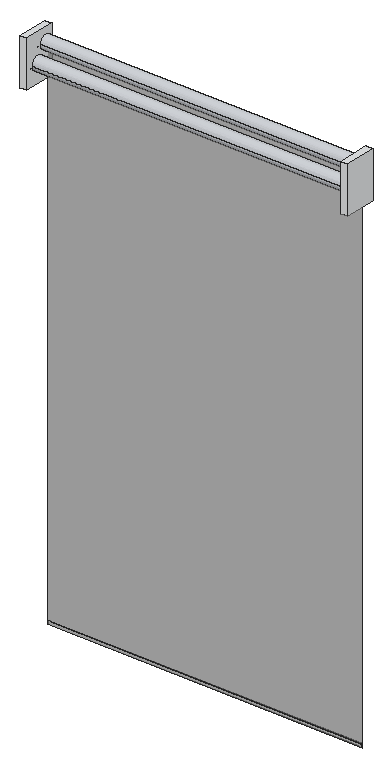
Revit family "Window_Shade-Draper_Inc.-Motor_Dual _Roller_FlexShade", category Specialty Equipment, Revit 2017
Family settings
  Round Connector Dimension = Use Diameter
  Part Type = Normal
  OmniClass Number = 23.30.20.11
  OmniClass Title = Window Components
  Work Plane-Based = No
  Always vertical = Yes
  Cut with Voids When Loaded = No
  Shared = No
  Room Calculation Point = No
Parameters (values of type "Dual Roller Motorized FlexShade")
  Width = B  # 0' - 6 13/16"
  Voltage = 120 V
  URL = "http://www.DraperInc.com"
  Shade Material = Fabric - Draper - Green Screen Revive 5%
  Raised [instance] = not(Lowered)  # yes
  Product Page URL = "https://www.draperinc.com/windowshades/productdetail/1/dual-roller-flexshade%C3%83%E2%80%9A%C3%82%C2%AE"
  Product Name = "Dual Roller FlexShade"  # constant formula
  Product Documentation Link = "https://www.draperinc.com/DocumentDownload.aspx?path=WindowShades/instructions&file=FSCL_DR_Inst.pdf"
  Power Factor = 1
  Phase = 1
  Overall Height = 6' - 0"
  Number of Poles = 1
  Model = "Dual Roller FlexShade"  # constant formula
  Material = ""
  Manufacturer Contact = "1-800-238-7999"  # constant formula
  Manufacturer = "Draper Inc."  # constant formula
  Lowered 2 [instance] = yes
  Lowered [instance] = no
  Length = 4' - 0"
  Head Box = no
  Frequency = 60 Hz
  Fascia Material = Powder Coat - Draper - White
  Fascia = no
  Description = "Dual Shade"  # constant formula
  Depth = A  # 0' - 4 5/8"
  C Length = if(Length < 3' 0", 3' 0", if(Length > 16' 0", 16' 0", Length))  # 4' - 0"
  C Height = if(Overall Height < 0' 4", 0' 4", if(Overall Height > 24' 0", 24' 0", Overall Height))  # 6' - 0"
  Brackets Only = yes
  Apparent Load = 156 VA
  A = 0' - 4 5/8"
  B = 0' - 6 13/16"
  C = 0' - 0"
  D = 0' - 0"
  E = 0' - 1"
Reference planes (in)
  plane 1 "Center (Front/Back)": y = 0
  plane 2: z = 0
  plane 3 "Center (Left/Right)": x = 0
  plane 4 "Front": y = -4.625
  plane 5 "Left": x = -24
  plane 6 "Right": x = 24
  plane 7 "Bottom": z = -72
  plane 8: x = -23.9375
  plane 9: x = 23.9375
  plane 10: z = -71.4775
  plane 11: x = -23.0625
  plane 12: x = 23.0625
  plane 13: z = 6.8125
  plane 14: y = -1.1875
Forms (in)
  Extrusion 1, solid, material "Fabric - Draper - Green Screen Revive 5%" <- "Shade Material", visible <- "Lowered 2"
    sketch origin (0, 0, 0) x (0, 1, 0) y (0, 0, 1)
      loop
        spline (-0.62504, -72) -> (-0.61311, -71.9726) -> (-0.6027, -71.93679) -> (-0.59419, -71.89386) -> (-0.58788, -71.84536) -> (-0.584, -71.79303) -> (-0.58269, -71.73875) -> (-0.584, -71.68447) -> (-0.58788, -71.63214) -> (-0.59419, -71.58364) -> (-0.6027, -71.54072) -> (-0.61311, -71.50491) -> (-0.62504, -71.4775)
        line (-0.62504, -71.4775) -> (-0.68598, -71.4775)
        spline (-0.68598, -71.4775) -> (-0.69791, -71.50491) -> (-0.70832, -71.54072) -> (-0.71683, -71.58364) -> (-0.72314, -71.63214) -> (-0.72702, -71.68447) -> (-0.72833, -71.73875) -> (-0.72702, -71.79303) -> (-0.72314, -71.84536) -> (-0.71683, -71.89386) -> (-0.70832, -71.93679) -> (-0.69791, -71.9726) -> (-0.68598, -72)
        line (-0.68598, -72) -> (-0.62504, -72)
    from -23.0625 to 23.0625
  Sweep 2, solid, material "Fabric - Draper - Green Screen Revive 5%" <- "Shade Material", visible <- "Lowered 2"
    path origin (0, 0, 0) x (0, 1, 0) y (0, 0, 1)
      loop
        line (-0.65551, 4.9375) -> (-0.65551, -71.4775)
    profile origin (0, -0.65551, -71.4775) x (1, 0, 0) y (0, 1, 0)
      loop
        line (-23.0625, 0.03125) -> (-23.0625, -0.03125) -> (23.0625, -0.03125) -> (23.0625, 0.03125) -> (-23.0625, 0.03125)
  Extrusion 3, solid
    sketch origin (0, 0, 0) x (0, 1, 0) y (0, 0, 1)
      loop
        circle (-1.1875, 4.9375) r 1
    from -23.9375 to 23.9375
  Sweep 4, solid, material "Fabric - Draper - Green Screen Revive 5%" <- "Shade Material", visible <- "Lowered"
    path origin (0, -1.2, 0) x (0, 1, 0) y (0, 0, 1)
      loop
        line (-0.65551, 2.7725) -> (-0.65551, -71.4775)
    profile origin (0, -1.85551, -71.4775) x (1, 0, 0) y (0, 1, 0)
      loop
        line (-23.0625, 0.03125) -> (-23.0625, -0.03125) -> (23.0625, -0.03125) -> (23.0625, 0.03125) -> (-23.0625, 0.03125)
  Extrusion 5, solid
    sketch origin (0, 0, -3) x (0, 1, 0) y (0, 0, 1)
      loop
        circle (-2.6875, 5.80353) r 1
    from -23.9375 to 23.9375
  Extrusion 6, solid, material "Fabric - Draper - Green Screen Revive 5%" <- "Shade Material", visible <- "Lowered"
    sketch origin (0, -1.2, 0) x (0, 1, 0) y (0, 0, 1)
      loop
        spline (-0.62504, -72) -> (-0.61311, -71.9726) -> (-0.6027, -71.93679) -> (-0.59419, -71.89386) -> (-0.58788, -71.84536) -> (-0.584, -71.79303) -> (-0.58269, -71.73875) -> (-0.584, -71.68447) -> (-0.58788, -71.63214) -> (-0.59419, -71.58364) -> (-0.6027, -71.54072) -> (-0.61311, -71.50491) -> (-0.62504, -71.4775)
        line (-0.62504, -71.4775) -> (-0.68598, -71.4775)
        spline (-0.68598, -71.4775) -> (-0.69791, -71.50491) -> (-0.70832, -71.54072) -> (-0.71683, -71.58364) -> (-0.72314, -71.63214) -> (-0.72702, -71.68447) -> (-0.72833, -71.73875) -> (-0.72702, -71.79303) -> (-0.72314, -71.84536) -> (-0.71683, -71.89386) -> (-0.70832, -71.93679) -> (-0.69791, -71.9726) -> (-0.68598, -72)
        line (-0.68598, -72) -> (-0.62504, -72)
    from -23.0625 to 23.0625
Lines and regions (in)
  Masking region 1
    outline origin (0, 0, 0) x (1, 0, 0) y (0, 1, 0)
      loop
        line (-24, 0) -> (-24, -4.625) -> (24, -4.625) -> (24, 0) -> (-24, 0)
  Masking region 2
    outline origin (0, 0, 0) x (1, 0, 0) y (0, 1, 0)
      loop
        line (24, -4.625) -> (24, 0) -> (23.9375, 0) -> (23.9375, -4.625) -> (24, -4.625)
  Masking region 3
    outline origin (-98.4375, 0, 0) x (1, 0, 0) y (0, 1, 0)
      loop
        line (74.5, -4.625) -> (74.5, 0) -> (74.4375, 0) -> (74.4375, -4.625) -> (74.5, -4.625)
  symbolic lines, detail levels medium+fine
    curve 1: line (23.92951, -0.06265, 0) -> (23.9375, -0.06265, 0)
    curve 2: line (23.92951, -0.06265, 0) -> (23.92951, -3.61439, 0)
    curve 3: line (23.92951, -3.61439, 0) -> (23.9375, -3.61439, 0)
    curve 6: line (24, -4.5, 0) -> (-24, -4.5, 0)
  symbolic lines, detail levels fine
    curve 4: circle (-23.75419, 0, 6.17499) r 0.0625 normal (0, -1, 0)
    curve 5: circle (23.75419, 0, 6.17499) r 0.0625 normal (0, 1, 0)
    curve 7: line (-23.9375, -0.125, 0) -> (23.92951, -0.125, 0)
    curve 8: line (-23.9375, -1.40928, 0) -> (-23.9375, -0.125, 0)
    curve 9: line (23.92951, -1.40928, 0) -> (-23.9375, -1.40928, 0)
    curve 10: line (23.92951, -0.125, 0) -> (23.92951, -1.40928, 0)
Dimensions and locks (in)
  plane 1 "Center (Front/Back)" to plane 4 "Front" = 0' - 4 5/8"
  locked: plane 10 to plane 7 "Bottom" at 0.5225
  locked: plane 5 "Left" to plane 11 at 0.9375
  locked: plane 12 to plane 6 "Right" at 0.9375
  Sweep 2 sketch curve to profile plane to Sweep 2 sketch curve = 0' - 0 1/32" locked, 0' - 0 1/32" locked
  locked: plane 13 to Sweep 2 sketch curve at 1.875
  "Depth": plane 1 "Center (Front/Back)" to plane 4 "Front"
  "C Height": plane 7 "Bottom" to level
  equal spacing: plane 5 "Left", plane 3 "Center (Left/Right)", plane 6 "Right"
  "C Length": plane 5 "Left" to plane 6 "Right"
  locked: plane 10 to Sweep 2 sketch curve at 0
  locked: plane 1 "Center (Front/Back)" to Sweep 2 sketch curve at 0.65551
  locked: plane 13 to curve 4 at 0.63751
  locked: plane 5 "Left" to curve 4 at 0.24581
  locked: curve 5 to plane 6 "Right" at 0.24581
  locked: plane 13 to curve 5 at 0.63751
  "Width": plane 13 to plane 2
  plane 1 "Center (Front/Back)" to Extrusion 1 sketch curve to Extrusion 1 sketch curve to Extrusion 1 sketch curve = 0' - 0.58269" locked, 0' - 0.07282" locked, 0' - 0.07282" locked
  locked: plane 14 to Extrusion 3 sketch curve at 0
  locked: Extrusion 3 sketch curve to level at 4.9375
  locked: Extrusion 3 sketch curve to plane 14 at 1
  Sweep 4 sketch curve to profile plane to Sweep 4 sketch curve = 0' - 0 1/32" locked, 0' - 0 1/32" locked
  locked: Extrusion 5 sketch curve to level at 2.80353
  locked: plane 14 to Extrusion 5 sketch curve at 1.5
  locked: plane 14 to Extrusion 5 sketch curve at 2.5
  locked: plane 13 to Sweep 4 sketch curve at 4.04
  plane 1 "Center (Front/Back)" to Extrusion 6 sketch curve to Extrusion 6 sketch curve to Extrusion 6 sketch curve = 0' - 1.78269" locked, 0' - 0.07282" locked, 0' - 0.07282" locked
  aligned and locked: level to plane 2
  aligned and locked: plane 11 to Sweep 2 sketch curve
  aligned and locked: Sweep 2 sketch curve to plane 12
  aligned and locked: plane 4 "Front" to Masking region 2 sketch curve
  aligned and locked: plane 1 "Center (Front/Back)" to Masking region 3 sketch curve
  aligned and locked: plane 8 to Masking region 3 sketch curve
  aligned and locked: Masking region 3 sketch curve to plane 5 "Left"
  aligned and locked: plane 4 "Front" to Masking region 3 sketch curve
  aligned and locked: plane 9 to curve 1
  aligned and locked: plane 9 to curve 3
  aligned and locked: Extrusion 1 sketch curve to plane 7 "Bottom"
  aligned and locked: Extrusion 1 sketch curve to plane 10
  aligned and locked: plane 11 to Extrusion 1
  aligned and locked: Extrusion 1 to plane 12
  aligned and locked: plane 1 "Center (Front/Back)" to Masking region 1 sketch curve
  aligned and locked: Masking region 1 sketch curve to plane 5 "Left"
  aligned and locked: Masking region 1 sketch curve to plane 4 "Front"
  aligned and locked: Masking region 1 sketch curve to plane 6 "Right"
  aligned and locked: plane 6 "Right" to curve 6
  aligned and locked: plane 5 "Left" to curve 6
  aligned and locked: curve 2 to curve 10
  aligned and locked: plane 3 "Center (Left/Right)" to nested 1
  aligned and locked: plane 1 "Center (Front/Back)" to nested 1
  aligned and locked: plane 13 to nested 1
  aligned and locked: plane 3 "Center (Left/Right)" to nested 2
  aligned and locked: plane 1 "Center (Front/Back)" to nested 2
  aligned and locked: plane 13 to nested 2
  aligned and locked: plane 3 "Center (Left/Right)" to nested 3
  aligned and locked: plane 1 "Center (Front/Back)" to nested 3
  aligned and locked: plane 13 to nested 3
  aligned and locked: plane 8 to Extrusion 3
  aligned and locked: Extrusion 3 to plane 9
  aligned and locked: plane 11 to Extrusion 6
  aligned and locked: Extrusion 6 to plane 12
  aligned and locked: Sweep 4 sketch curve to plane 11
  aligned and locked: plane 12 to Sweep 4 sketch curve
Automatic sketch dimensions
  curve 8 to plane 8 = 0' - 0"
  curve 2 to curve 3 = 0' - 0.00799"
  plane 4 "Front" to curve 2 = 0' - 1.01061"
  curve 10 to plane 14 = 0' - 0.22178"
  plane 1 "Center (Front/Back)" to curve 10 = 0' - 0 1/8"
  curve 7 to curve 1 = 0' - 0.06235"
  plane 4 "Front" to curve 6 = 0' - 0 1/8"
  Extrusion 1 sketch curve to Extrusion 1 sketch curve = 0' - 0.03047"  (x3)
  Extrusion 1 sketch curve to Extrusion 1 sketch curve = 0' - 0.06093"
  Extrusion 1 sketch curve to Extrusion 1 sketch curve = 0' - 0"
  Masking region 2 sketch curve to plane 9 = 0' - 0"
  plane 1 "Center (Front/Back)" to Masking region 2 sketch curve = 0' - 0"
  Masking region 2 sketch curve to plane 6 "Right" = 0' - 0"
  plane 10 to Sweep 4 sketch curve = 0' - 0"
  Sweep 4 sketch curve to plane 14 = 0' - 0.66801"
  plane 10 to Extrusion 6 sketch curve = 0' - 0"
  Extrusion 6 sketch curve to plane 7 "Bottom" = 0' - 0"
  Extrusion 6 sketch curve to Extrusion 6 sketch curve = 0' - 0.03047"  (x3)
  Extrusion 6 sketch curve to Extrusion 6 sketch curve = 0' - 0.06093"
  Extrusion 6 sketch curve to Extrusion 6 sketch curve = 0' - 0"
  radius of curve 4 = 0' - 0 1/16"
  radius of curve 5 = 0' - 0 1/16"
Nested families (in)
  nested 1: "Headbox Flex_2" at (0, 0, 0), visible <- "Head Box", type "Small"
    with Width 0' - 6 13/16", Depth 0' - 4 5/8", A 0' - 4 5/8", B 0' - 6 13/16"
  nested 2: "Square Flex_2" at (0, 0, 0), visible <- "Fascia", type "Small"
    with Width 0' - 6 13/16", Depth 0' - 4 5/8", A 0' - 4 5/8", B 0' - 6 13/16"
  nested 3: "Brackets Flex_2" at (0, 0, 0), visible <- "Brackets Only", type "Small"
    with Width 0' - 6 13/16", Depth 0' - 4 5/8", A 0' - 4 5/8", B 0' - 6 13/16"
Connectors (in)
  electrical at (24, -2.3125, 3.40625), driven by "Voltage", driven by "Apparent Load", driven by "Number of Poles", driven by "Power Factor"
    settings: on nested 1, index 1, voltage 120 V, apparent load 0 VA, apparent load phase1 156 VA, apparent load phase2 0 VA, apparent load phase3 0 VA, power factor 1, load classification "Other", number of poles 1, system type 31, power factor state 1, is connector primary yes, connector utility no, sub classification motor no, connector description "Power Connection"
Definition of nested family "Headbox Flex_2"
  Parameters
    Width = B  # 0' - 6 5/8"
    URL = "http://www.DraperInc.com"
    Shade Material = none
    Product Page URL = "http://www.draperinc.com/WindowShades/shadeProducts.asp?detail=6"
    Product Name = "Motorized FlexShade 2"  # constant formula
    Product Documentation Link = "http://www.draperinc.com/WindowShades/shadeProducts.asp?detail=6#"
    Model = ""
    Manufacturer Contact = "1-800-238-7999"  # constant formula
    Manufacturer = "Draper Inc."  # constant formula
    Overall Height = 6' - 0"
    Length = 4' - 0"
    Fascia Material = none
    Description = "Motorized Shade"  # constant formula
    Depth = A  # 0' - 6 5/8"
    A = 0' - 6 5/8"
    B = 0' - 6 5/8"
    C = 0' - 0"
    D = 0' - 0"
    E = 0' - 1"
  Reference planes (in)
    plane 1 "Center (Front/Back)": y = 0
    plane 2: z = 0
    plane 3 "Center (Left/Right)": x = 0
    plane 4 "Front": y = -6.625
    plane 5 "Left": x = -24
    plane 6 "Right": x = 24
    plane 7: x = -23.9375
    plane 8: x = 23.9375
    plane 9: x = -23.0625
    plane 10: x = 23.0625
    plane 11: z = 6.625
    plane 12: y = -1.1875
  Forms (in)
    Extrusion 1, solid, material <- "Fascia Material"
      sketch origin (0, 0, 0) x (0, 1, 0) y (0, 0, 1)
        loop
          line (0, 6.625) -> (-6.625, 6.625) -> (-6.625, 0) -> (-1.40928, 0) -> (-1.40928, 0.125) -> (-6.5, 0.125) -> (-6.5, 6.5) -> (-0.125, 6.5) -> (-0.125, 0.125) -> (-0.49703, 0.125) -> (-0.49703, 0) -> (0, 0) -> (0, 6.625)
      from -23.9375 to 23.92951
    Extrusion 2, solid, material <- "Fascia Material"
      sketch origin (0, 0, 0) x (0, 1, 0) y (0, 0, 1)
        loop
          line (-6.625, 6.625) -> (-6.625, 0) -> (0, 0) -> (0, 6.625) -> (-6.625, 6.625)
      from 23.9375 to 24
    Extrusion 3, solid, material <- "Fascia Material"
      sketch origin (0, 0, 0) x (0, 1, 0) y (0, 0, 1)
        loop
          line (0, 6.625) -> (-6.625, 6.625) -> (-6.625, 0) -> (0, 0) -> (0, 6.625)
      from -24 to -23.9375
  Lines and regions (in)
    Masking region 1
      outline origin (0, 0, 0) x (1, 0, 0) y (0, 1, 0)
        loop
          line (-24, 0) -> (-24, -6.625) -> (24, -6.625) -> (24, 0) -> (-24, 0)
    Masking region 2
      outline origin (0, 0, 0) x (1, 0, 0) y (0, 1, 0)
        loop
          line (24, -6.625) -> (24, 0) -> (23.9375, 0) -> (23.9375, -6.625) -> (24, -6.625)
    Masking region 3
      outline origin (-98.4375, 0, 0) x (1, 0, 0) y (0, 1, 0)
        loop
          line (74.5, -6.625) -> (74.5, 0) -> (74.4375, 0) -> (74.4375, -6.625) -> (74.5, -6.625)
    Masking region 4
      outline origin (0, 0, 0) x (0, 1, 0) y (0, 0, 1)
        loop
          line (0, 6.625) -> (-6.625, 6.625) -> (-6.625, 0) -> (0, 0) -> (0, 6.625)
    symbolic lines, detail levels medium+fine
      curve 1: line (23.92951, -0.06265, 0) -> (23.9375, -0.06265, 0)
      curve 2: line (23.92951, -0.06265, 0) -> (23.92951, -5.61439, 0)
      curve 3: line (23.92951, -5.61439, 0) -> (23.9375, -5.61439, 0)
      curve 6: line (24, -6.5, 0) -> (-24, -6.5, 0)
    symbolic lines, detail levels fine
      curve 4: circle (-23.75419, 0, 5.98749) r 0.0625 normal (0, -1, 0)
      curve 5: circle (23.75419, 0, 5.98749) r 0.0625 normal (0, 1, 0)
      curve 7: line (-23.9375, -0.125, 0) -> (23.92951, -0.125, 0)
      curve 8: line (-23.9375, -1.40928, 0) -> (-23.9375, -0.125, 0)
      curve 9: line (23.92951, -1.40928, 0) -> (-23.9375, -1.40928, 0)
      curve 10: line (23.92951, -0.125, 0) -> (23.92951, -1.40928, 0)
  Dimensions and locks (in)
    plane 1 "Center (Front/Back)" to plane 4 "Front" = 0' - 6 5/8"
    locked: plane 5 "Left" to plane 9 at 0.9375
    locked: plane 10 to plane 6 "Right" at 0.9375
    "Depth": plane 1 "Center (Front/Back)" to plane 4 "Front"
    equal spacing: plane 5 "Left", plane 3 "Center (Left/Right)", plane 6 "Right"
    "Length": plane 5 "Left" to plane 6 "Right"
    plane 5 "Left" to Extrusion 1 = 0' - 0 1/16"
    locked: Extrusion 1 to plane 6 "Right" at 0.07049
    locked: plane 11 to curve 4 at 0.63751
    locked: plane 5 "Left" to curve 4 at 0.24581
    locked: curve 5 to plane 6 "Right" at 0.24581
    locked: plane 11 to curve 5 at 0.63751
    "Width": plane 11 to plane 2
    locked: plane 1 "Center (Front/Back)" to Extrusion 1 sketch curve at 0.125
    locked: Extrusion 1 sketch curve to plane 4 "Front" at 0.125
    locked: plane 11 to Extrusion 1 sketch curve at 0.125
    locked: Extrusion 1 sketch curve to plane 2 at 0.125  (x2)
    locked: Extrusion 1 to plane 4 "Front" at 0.125
    aligned and locked: level to plane 2
    aligned and locked: Extrusion 2 to plane 6 "Right"
    aligned and locked: plane 8 to Extrusion 2
    aligned and locked: plane 5 "Left" to Extrusion 3
    aligned and locked: Extrusion 3 to plane 7
    aligned and locked: Masking region 2 sketch curve to Extrusion 2  (x2)
    aligned and locked: plane 4 "Front" to Masking region 2 sketch curve
    aligned and locked: plane 1 "Center (Front/Back)" to Masking region 3 sketch curve
    aligned and locked: plane 7 to Masking region 3 sketch curve
    aligned and locked: Masking region 3 sketch curve to plane 5 "Left"
    aligned and locked: plane 4 "Front" to Masking region 3 sketch curve
    aligned and locked: plane 8 to curve 1
    aligned and locked: plane 8 to curve 3
    aligned and locked: plane 11 to Extrusion 3 sketch curve
    aligned and locked: Extrusion 3 sketch curve to plane 1 "Center (Front/Back)"
    aligned and locked: Extrusion 3 sketch curve to level
    aligned and locked: Extrusion 3 sketch curve to plane 4 "Front"
    aligned and locked: Extrusion 1 sketch curve to Extrusion 2  (x4)
    aligned and locked: plane 7 to Extrusion 1
    aligned and locked: plane 1 "Center (Front/Back)" to Masking region 1 sketch curve
    aligned and locked: Masking region 1 sketch curve to plane 5 "Left"
    aligned and locked: Masking region 1 sketch curve to plane 4 "Front"
    aligned and locked: Masking region 1 sketch curve to plane 6 "Right"
    aligned and locked: plane 6 "Right" to curve 6
    aligned and locked: plane 5 "Left" to curve 6
    aligned and locked: Masking region 4 sketch curve to Extrusion 1  (x3)
    aligned and locked: Masking region 4 sketch curve to Extrusion 2
    aligned and locked: curve 7 to Extrusion 1
    aligned and locked: curve 8 to Extrusion 1
    aligned and locked: curve 9 to Extrusion 1
    aligned and locked: curve 2 to curve 10
  Automatic sketch dimensions
    plane 1 "Center (Front/Back)" to Masking region 2 sketch curve = 0' - 0"
    Extrusion 2 sketch curve to plane 1 "Center (Front/Back)" = 0' - 0"
    Extrusion 2 sketch curve to plane 11 = 0' - 0"
    Extrusion 1 sketch curve to level = 0' - 0"
    Extrusion 1 sketch curve to plane 12 = 0' - 0.22178"
    Extrusion 1 sketch curve to Extrusion 1 sketch curve = 0' - 0.37203"
    curve 2 to curve 3 = 0' - 0.00799"
    plane 4 "Front" to curve 6 = 0' - 0 1/8"
    curve 6 to curve 2 = 0' - 0.88561"
    plane 1 "Center (Front/Back)" to curve 1 = 0' - 0.06265"
    Extrusion 2 sketch curve to plane 4 "Front" = 0' - 0"
    level to Extrusion 2 sketch curve = 0' - 0"
    radius of curve 4 = 0' - 0 1/16"
    radius of curve 5 = 0' - 0 1/16"
Definition of nested family "Square Flex_2"
  Parameters (values of type "Small")
    Width = B  # 0' - 3 13/32"
    URL = "http://www.DraperInc.com"
    Shade Material = none
    Product Page URL = "http://www.draperinc.com/WindowShades/shadeProducts.asp?detail=6"
    Product Name = "Motorized FlexShade 2"  # constant formula
    Product Documentation Link = "http://www.draperinc.com/WindowShades/shadeProducts.asp?detail=6#"
    Model = ""
    Manufacturer Contact = "1-800-238-7999"  # constant formula
    Manufacturer = "Draper Inc."  # constant formula
    Overall Height = 6' - 0"
    Length = 4' - 0"
    Fascia Material = none
    Description = "Motorized Shade"  # constant formula
    Depth = A  # 0' - 3 103/256"
    A = 0' - 3 103/256"
    B = 0' - 3 13/32"
    C = 0' - 0"
    D = 0' - 0"
    E = 0' - 1"
  Reference planes (in)
    plane 1 "Center (Front/Back)": y = 0
    plane 2: z = 0
    plane 3 "Center (Left/Right)": x = 0
    plane 4 "Front": y = -3.40234
    plane 5 "Left": x = -24
    plane 6 "Right": x = 24
    plane 7: x = -23.9375
    plane 8: x = 23.9375
    plane 9: x = -23.0625
    plane 10: x = 23.0625
    plane 11: z = 3.40625
    plane 12: y = -1.1875
  Forms (in)
    Extrusion 1, solid, material <- "Fascia Material"
      sketch origin (0, 0, 0) x (0, 1, 0) y (0, 0, 1)
        loop
          line (-2.90234, 3.40625) -> (-3.40234, 3.40625) -> (-3.40234, 0) -> (-1.40928, 0) -> (-1.40928, 0.125) -> (-3.27734, 0.125) -> (-3.27734, 3.28125) -> (-2.90234, 3.28125) -> (-2.90234, 3.40625)
      from -23.9375 to 23.92951
    Extrusion 2, solid, material <- "Fascia Material"
      sketch origin (0, 0, 0) x (0, 1, 0) y (0, 0, 1)
        loop
          line (-3.40234, 3.40625) -> (-3.40234, 0) -> (0, 0) -> (0, 3.40625) -> (-3.40234, 3.40625)
      from 23.9375 to 24
    Extrusion 3, solid, material <- "Fascia Material"
      sketch origin (0, 0, 0) x (0, 1, 0) y (0, 0, 1)
        loop
          line (0, 3.40625) -> (-3.40234, 3.40625) -> (-3.40234, 0) -> (0, 0) -> (0, 3.40625)
      from -24 to -23.9375
  Lines and regions (in)
    Masking region 1
      outline origin (0, 0, 0) x (1, 0, 0) y (0, 1, 0)
        loop
          line (-24, 0) -> (-24, -3.40234) -> (24, -3.40234) -> (24, 0) -> (-24, 0)
    Masking region 2
      outline origin (0, 0, 0) x (1, 0, 0) y (0, 1, 0)
        loop
          line (24, -3.40234) -> (24, 0) -> (23.9375, 0) -> (23.9375, -3.40234) -> (24, -3.40234)
    Masking region 3
      outline origin (-98.4375, 0, 0) x (1, 0, 0) y (0, 1, 0)
        loop
          line (74.5, -3.40234) -> (74.5, 0) -> (74.4375, 0) -> (74.4375, -3.40234) -> (74.5, -3.40234)
    Masking region 4
      outline origin (0, 0, 0) x (0, 1, 0) y (0, 0, 1)
        loop
          line (0, 3.40625) -> (-3.40234, 3.40625) -> (-3.40234, 0) -> (0, 0) -> (0, 3.40625)
    symbolic lines, detail levels medium+fine
      curve 1: line (23.92951, -0.06265, 0) -> (23.9375, -0.06265, 0)
      curve 2: line (23.92951, -0.06265, 0) -> (23.92951, -2.39173, 0)
      curve 3: line (23.92951, -2.39173, 0) -> (23.9375, -2.39173, 0)
      curve 6: line (24, -3.27734, 0) -> (-24, -3.27734, 0)
    symbolic lines, detail levels fine
      curve 4: circle (-23.75419, 0, 2.76874) r 0.0625 normal (0, -1, 0)
      curve 5: circle (23.75419, 0, 2.76874) r 0.0625 normal (0, 1, 0)
      curve 7: line (-23.9375, -0.125, 0) -> (23.92951, -0.125, 0)
      curve 8: line (-23.9375, -1.40928, 0) -> (-23.9375, -0.125, 0)
      curve 9: line (23.92951, -1.40928, 0) -> (-23.9375, -1.40928, 0)
      curve 10: line (23.92951, -0.125, 0) -> (23.92951, -1.40928, 0)
  Dimensions and locks (in)
    plane 1 "Center (Front/Back)" to plane 4 "Front" = 0' - 3 103/256"
    locked: plane 5 "Left" to plane 9 at 0.9375
    locked: plane 10 to plane 6 "Right" at 0.9375
    "Depth": plane 1 "Center (Front/Back)" to plane 4 "Front"
    equal spacing: plane 5 "Left", plane 3 "Center (Left/Right)", plane 6 "Right"
    "Length": plane 5 "Left" to plane 6 "Right"
    plane 5 "Left" to Extrusion 1 = 0' - 0 1/16"
    locked: Extrusion 1 to plane 6 "Right" at 0.07049
    locked: plane 11 to curve 4 at 0.63751
    locked: plane 5 "Left" to curve 4 at 0.24581
    locked: curve 5 to plane 6 "Right" at 0.24581
    locked: plane 11 to curve 5 at 0.63751
    "Width": plane 11 to plane 2
    locked: Extrusion 1 sketch curve to plane 4 "Front" at 0.125
    locked: plane 11 to Extrusion 1 sketch curve at 0.125
    locked: Extrusion 1 sketch curve to plane 2 at 0.125
    locked: Extrusion 1 to plane 4 "Front" at 0.125
    locked: Extrusion 1 sketch curve to plane 4 "Front" at 0.5
    aligned and locked: level to plane 2
    aligned and locked: Extrusion 2 to plane 6 "Right"
    aligned and locked: plane 8 to Extrusion 2
    aligned and locked: plane 5 "Left" to Extrusion 3
    aligned and locked: Extrusion 3 to plane 7
    aligned and locked: Masking region 2 sketch curve to Extrusion 2  (x2)
    aligned and locked: plane 4 "Front" to Masking region 2 sketch curve
    aligned and locked: plane 1 "Center (Front/Back)" to Masking region 3 sketch curve
    aligned and locked: plane 7 to Masking region 3 sketch curve
    aligned and locked: Masking region 3 sketch curve to plane 5 "Left"
    aligned and locked: plane 4 "Front" to Masking region 3 sketch curve
    aligned and locked: plane 8 to curve 1
    aligned and locked: plane 8 to curve 3
    aligned and locked: plane 11 to Extrusion 3 sketch curve
    aligned and locked: Extrusion 3 sketch curve to plane 1 "Center (Front/Back)"
    aligned and locked: Extrusion 3 sketch curve to level
    aligned and locked: Extrusion 3 sketch curve to plane 4 "Front"
    aligned and locked: Extrusion 2 to Extrusion 1 sketch curve
    aligned and locked: Extrusion 1 sketch curve to Extrusion 2  (x2)
    aligned and locked: plane 7 to Extrusion 1
    aligned and locked: plane 1 "Center (Front/Back)" to Masking region 1 sketch curve
    aligned and locked: Masking region 1 sketch curve to plane 5 "Left"
    aligned and locked: Masking region 1 sketch curve to plane 4 "Front"
    aligned and locked: Masking region 1 sketch curve to plane 6 "Right"
    aligned and locked: plane 6 "Right" to curve 6
    aligned and locked: plane 5 "Left" to curve 6
    aligned and locked: Masking region 4 sketch curve to Extrusion 1  (x2)
    aligned and locked: Masking region 4 sketch curve to Extrusion 2
    aligned and locked: curve 8 to Extrusion 1
    aligned and locked: curve 9 to Extrusion 1
    aligned and locked: curve 2 to curve 10
  Automatic sketch dimensions
    plane 1 "Center (Front/Back)" to Masking region 2 sketch curve = 0' - 0"
    Extrusion 2 sketch curve to plane 1 "Center (Front/Back)" = 0' - 0"
    Extrusion 2 sketch curve to plane 11 = 0' - 0"
    curve 2 to curve 3 = 0' - 0.00799"
    plane 4 "Front" to curve 6 = 0' - 0 1/8"
    curve 6 to curve 2 = 0' - 0.88561"
    plane 1 "Center (Front/Back)" to curve 1 = 0' - 0.06265"
    Extrusion 2 sketch curve to plane 4 "Front" = 0' - 0"
    level to Extrusion 2 sketch curve = 0' - 0"
    Extrusion 1 sketch curve to plane 12 = 0' - 0.22178"
    curve 10 to curve 1 = 0' - 0.06235"
    Masking region 4 sketch curve to plane 1 "Center (Front/Back)" = 0' - 0"
    radius of curve 4 = 0' - 0 1/16"
    radius of curve 5 = 0' - 0 1/16"
Definition of nested family "Brackets Flex_2"
  Parameters (values of type "Small")
    Width = B  # 0' - 3 13/32"
    URL = "http://www.DraperInc.com"
    Shade Material = none
    Product Page URL = "http://www.draperinc.com/WindowShades/shadeProducts.asp?detail=6"
    Product Name = "Motorized FlexShade 2"  # constant formula
    Product Documentation Link = "http://www.draperinc.com/WindowShades/shadeProducts.asp?detail=6#"
    Model = ""
    Manufacturer Contact = "1-800-238-7999"  # constant formula
    Manufacturer = "Draper Inc."  # constant formula
    Overall Height = 6' - 0"
    Length = 4' - 0"
    Fascia Material = none
    Description = "Motorized Shade"  # constant formula
    Depth = A  # 0' - 3 103/256"
    A = 0' - 3 103/256"
    B = 0' - 3 13/32"
    C = 0' - 0"
    D = 0' - 0"
    E = 0' - 1"
  Reference planes (in)
    plane 1 "Center (Front/Back)": y = 0
    plane 2: z = 0
    plane 3 "Center (Left/Right)": x = 0
    plane 4 "Front": y = -3.40234
    plane 5 "Left": x = -24
    plane 6 "Right": x = 24
    plane 7: x = -23.9375
    plane 8: x = 23.9375
    plane 9: x = -23.0625
    plane 10: x = 23.0625
    plane 11: z = 3.40625
    plane 12: y = -1.1875
  Forms (in)
    Extrusion 1, solid, material <- "Fascia Material"
      sketch origin (0, 0, 0) x (0, 1, 0) y (0, 0, 1)
        loop
          line (-3.40234, 3.40625) -> (-3.40234, 0) -> (0, 0) -> (0, 3.40625) -> (-3.40234, 3.40625)
      from 23.0625 to 24
    Extrusion 2, solid, material <- "Fascia Material"
      sketch origin (0, 0, 0) x (0, 1, 0) y (0, 0, 1)
        loop
          line (0, 3.40625) -> (-3.40234, 3.40625) -> (-3.40234, 0) -> (0, 0) -> (0, 3.40625)
      from -24 to -23.0625
  Lines and regions (in)
    Masking region 1
      outline origin (0, 0, 0) x (1, 0, 0) y (0, 1, 0)
        loop
          line (-24, 0) -> (-24, -3.40234) -> (24, -3.40234) -> (24, 0) -> (-24, 0)
    Masking region 2
      outline origin (0, 0, 0) x (1, 0, 0) y (0, 1, 0)
        loop
          line (24, -3.40234) -> (24, 0) -> (23.0625, 0) -> (23.0625, -3.40234) -> (24, -3.40234)
    Masking region 3
      outline origin (-98.4375, 0, 0) x (1, 0, 0) y (0, 1, 0)
        loop
          line (74.5, -3.40234) -> (74.5, 0) -> (74.4375, 0) -> (74.4375, -3.40234) -> (74.5, -3.40234)
    Masking region 4
      outline origin (0, 0, 0) x (0, 1, 0) y (0, 0, 1)
        loop
          line (0, 3.40625) -> (-3.40234, 3.40625) -> (-3.40234, 0) -> (0, 0) -> (0, 3.40625)
    symbolic lines, detail levels medium+fine
      curve 1: line (23.92951, -0.06265, 0) -> (23.9375, -0.06265, 0)
      curve 2: line (23.92951, -0.06265, 0) -> (23.92951, -2.39173, 0)
      curve 3: line (23.92951, -2.39173, 0) -> (23.9375, -2.39173, 0)
    symbolic lines, detail levels fine
      curve 4: circle (-23.75419, 0, 2.76874) r 0.0625 normal (0, -1, 0)
      curve 5: circle (23.75419, 0, 2.76874) r 0.0625 normal (0, 1, 0)
      curve 6: line (-23.9375, -1.40928, 0) -> (-23.9375, -0.125, 0)
      curve 7: line (23.92951, -1.40928, 0) -> (-23.9375, -1.40928, 0)
      curve 8: line (23.92951, -0.125, 0) -> (23.92951, -1.40928, 0)
  Dimensions and locks (in)
    plane 1 "Center (Front/Back)" to plane 4 "Front" = 0' - 3 103/256"
    locked: plane 5 "Left" to plane 9 at 0.9375
    locked: plane 10 to plane 6 "Right" at 0.9375
    "Depth": plane 1 "Center (Front/Back)" to plane 4 "Front"
    equal spacing: plane 5 "Left", plane 3 "Center (Left/Right)", plane 6 "Right"
    "Length": plane 5 "Left" to plane 6 "Right"
    locked: plane 11 to curve 4 at 0.63751
    locked: plane 5 "Left" to curve 4 at 0.24581
    locked: curve 5 to plane 6 "Right" at 0.24581
    locked: plane 11 to curve 5 at 0.63751
    "Width": plane 11 to plane 2
    aligned and locked: level to plane 2
    aligned and locked: Extrusion 1 to plane 6 "Right"
    aligned and locked: plane 5 "Left" to Extrusion 2
    aligned and locked: Masking region 2 sketch curve to Extrusion 1  (x2)
    aligned and locked: plane 4 "Front" to Masking region 2 sketch curve
    aligned and locked: plane 1 "Center (Front/Back)" to Masking region 3 sketch curve
    aligned and locked: plane 7 to Masking region 3 sketch curve
    aligned and locked: Masking region 3 sketch curve to plane 5 "Left"
    aligned and locked: plane 4 "Front" to Masking region 3 sketch curve
    aligned and locked: plane 8 to curve 1
    aligned and locked: plane 8 to curve 3
    aligned and locked: plane 11 to Extrusion 2 sketch curve
    aligned and locked: Extrusion 2 sketch curve to plane 1 "Center (Front/Back)"
    aligned and locked: Extrusion 2 sketch curve to level
    aligned and locked: Extrusion 2 sketch curve to plane 4 "Front"
    aligned and locked: plane 1 "Center (Front/Back)" to Masking region 1 sketch curve
    aligned and locked: Masking region 1 sketch curve to plane 5 "Left"
    aligned and locked: Masking region 1 sketch curve to plane 4 "Front"
    aligned and locked: Masking region 1 sketch curve to plane 6 "Right"
    aligned and locked: Masking region 4 sketch curve to Extrusion 1
    aligned and locked: curve 2 to curve 8
    aligned and locked: plane 10 to Extrusion 1
    aligned and locked: Extrusion 2 to plane 9
  Automatic sketch dimensions
    plane 1 "Center (Front/Back)" to Masking region 2 sketch curve = 0' - 0"
    Extrusion 1 sketch curve to plane 1 "Center (Front/Back)" = 0' - 0"
    Extrusion 1 sketch curve to plane 11 = 0' - 0"
    curve 2 to curve 3 = 0' - 0.00799"
    plane 1 "Center (Front/Back)" to curve 1 = 0' - 0.06265"
    Extrusion 1 sketch curve to plane 4 "Front" = 0' - 0"
    level to Extrusion 1 sketch curve = 0' - 0"
    curve 8 to curve 1 = 0' - 0.06235"
    Masking region 4 sketch curve to plane 1 "Center (Front/Back)" = 0' - 0"
    curve 6 to plane 7 = 0' - 0"
    curve 8 to plane 12 = 0' - 0.22178"
    Masking region 4 sketch curve to plane 4 "Front" = 0' - 0"
    Masking region 4 sketch curve to plane 11 = 0' - 0"
    plane 4 "Front" to curve 3 = 0' - 1.01061"
    plane 1 "Center (Front/Back)" to curve 6 = 0' - 0 1/8"
    radius of curve 4 = 0' - 0 1/16"
    radius of curve 5 = 0' - 0 1/16"
